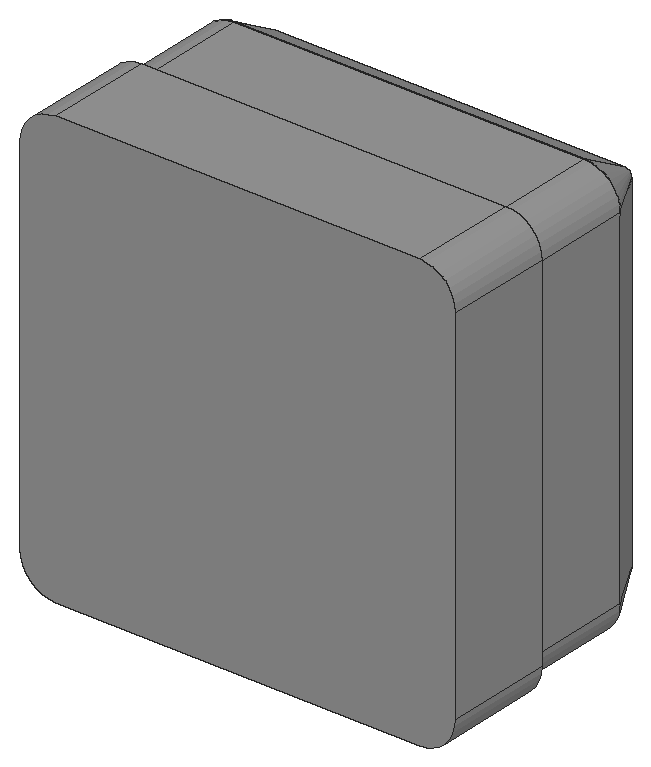
Revit family "IEK_РозеткаТелефонная_ОткрытойУстановки_Одноместная IP20_ОКТАВА", category Устройства связи, Revit 2019
Family settings
  Сохранять ориентацию аннотаций = Да
  Размер круглого соединителя = Использовать диаметр
  Тип детали = Нормальный
  На основе рабочей плоскости = Нет
  Всегда вертикально = Да
  При загрузке вырезать с полостями = Нет
  Общий = Нет
  Точка расчета площади = Нет
Parameters (values of type "РТ20-ОБ")
  Ширина = 61 mm  # constant formula
  Тип монтажа = "Поверхность монтажа (открытая установка)"  # constant formula
  Степень защиты = "IP20"  # constant formula
  Изготовитель = "IEK"  # constant formula
  Дата изменения = ""
  Глубина = 37 mm  # constant formula
  Высота = 61 mm  # constant formula
  ΔХ [instance] = 2000 mm
  ΔY [instance] = 2000 mm
  KSI_CPr_Строительные изделия = ""
  KSI_CMa_Строительные материалы = "01.7.14.03"  # constant formula
  IEK_Цена за единицу = 136.66
  IEK_Поиск в таблице имен = ""
  IEK_Описание = "Универсальный дизайн серии открытой установки \"ОКТАВА\" позволяет устанавливать изделия в квартирах, загородных домах, офисных и производственных помещениях."
  IEK_URL = "https://www.iek.ru/products/catalog/izdeliya_elektroustanovochnye_udliniteli_i_silovye_razemy/elektroustanovochnye_izdeliya/elektroustanovochnye_izdeliya_otkrytogo_montazha_ip20/elektroustanovochnye_izdeliya_oktava/elektroustanovochnye_izdeliya_oktava_tsvet_belyy/rozetka_1_mestnaya_dlya_otkrytoy_ustanovki_telefonnaya_rt20_ob_oktava_belyy_iek"
  ADSK_Примечание = ""
  ADSK_Позиция [instance] = ""
  ADSK_Наименование = "Розетка 1-местная для открытой установки телефонная РТ20-ОБ ОКТАВА белый IEK"
  ADSK_Материал обозначение = ""
  ADSK_Материал наименование = "Пластик"  # constant formula
  ADSK_Материал = Цвет белый
  ADSK_Масса = 0.048
  ADSK_Марка = "ОКТАВА"  # constant formula
  ADSK_Код изделия = "ETO10-K01-DC"
  ADSK_Завод-изготовитель = "IEK"  # constant formula
  ADSK_Единица измерения = "шт"  # constant formula
  ADSK_Группирование = "III ЭЛЕКТРОУСТАНОВОЧНЫЕ И ЭЛЕКТРОМОНТАЖНЫЕ ИЗДЕЛИЯ"  # constant formula
  ADSK_Версия семейства = "1.0"  # constant formula
  ADSK_Версия Revit = "2019"  # constant formula
  ADSK_URL страницы изделия = "https://www.iek.ru/products/catalog/izdeliya_elektroustanovochnye_udliniteli_i_silovye_razemy/elektroustanovochnye_izdeliya/elektroustanovochnye_izdeliya_otkrytogo_montazha_ip20/elektroustanovochnye_izdeliya_oktava/"
Reference planes
  plane 1 "По центру (Вперед/Назад)": y = 0
  plane 2: z = 0
  plane 3 "По центру (Влево/Вправо)": x = 0
  plane 4 "Высота ножек": z = 280
  plane 5 "Высота": z = 2081.496
  plane 6: x = -2000
  plane 7: y = 2000
Forms (mm)
  Extrusion 1, solid, detail levels coarse
    sketch origin (0, -9, 0) x (1, 0, 0) y (0, 1, 0)
      loop
        line (-30.5, 46) -> (-30.5, 9) -> (30.5, 9) -> (30.5, 46) -> (-30.5, 46)
    from 0 to 61
  Extrusion 2, solid, detail levels medium
    sketch origin (0, 36, 0) x (1, 0, 0) y (0, 1, 0)
      loop
        line (-30.5, 1) -> (-30.5, -36) -> (30.5, -36) -> (30.5, 1) -> (-30.5, 1)
    from 0 to 61
  Extrusion 3, void
    sketch origin (0, 2, 30.5) x (1, 0, 0) y (0, 0, -1)
      loop
        line (6, 5.5) -> (-6, 5.5) -> (-6, -1.5) -> (-3.5, -1.5) -> (-3.5, -3.5) -> (-2, -3.5) -> (-2, -5.5) -> (2, -5.5) -> (2, -3.5) -> (3.5, -3.5) -> (3.5, -1.5) -> (6, -1.5) -> (6, 5.5)
    from 25 to 34.5
  Extrusion 4, solid, material "Цвет белый" <- "ADSK_Материал", detail levels fine
    sketch origin (0, 2, 30.5) x (1, 0, 0) y (0, 0, -1)
      loop
        line (-30.5, 25.5) -> (-30.5, -25.5)
        arc (-30.5, -25.5) -> (-29.036, -29.036) -> (-25.5, -30.5) r 5
        line (-25.5, -30.5) -> (25.5, -30.5)
        arc (25.5, -30.5) -> (29.036, -29.036) -> (30.5, -25.5) r 5
        line (30.5, -25.5) -> (30.5, 25.5)
        arc (30.5, 25.5) -> (29.036, 29.036) -> (25.5, 30.5) r 5
        line (25.5, 30.5) -> (-25.5, 30.5)
        arc (-25.5, 30.5) -> (-29.036, 29.036) -> (-30.5, 25.5) r 5
    from -2 to 13
  Extrusion 5, solid, material "Цвет белый" <- "ADSK_Материал", detail levels fine
    sketch origin (0, 2, 30.5) x (1, 0, 0) y (0, 0, -1)
      loop
        line (-29.5, 24.462) -> (-29.5, -24.462)
        arc (-29.5, -24.462) -> (-28.024, -28.024) -> (-24.462, -29.5) r 5.038
        line (-24.462, -29.5) -> (24.505, -29.5)
        arc (24.505, -29.5) -> (28.037, -28.037) -> (29.5, -24.505) r 4.995
        line (29.5, -24.505) -> (29.5, 24.505)
        arc (29.5, 24.505) -> (28.037, 28.037) -> (24.505, 29.5) r 4.995
        line (24.505, 29.5) -> (-24.462, 29.5)
        arc (-24.462, 29.5) -> (-28.024, 28.024) -> (-29.5, 24.462) r 5.038
    from 13 to 28
  Blend 6, solid, material "Цвет белый" <- "ADSK_Материал", detail levels fine
    base sketch origin (0, 2, 30.5) x (1, 0, 0) y (0, 0, -1)
      loop
        line (-29.5, 24.462) -> (-29.5, -24.462)
        arc (-29.5, -24.462) -> (-28.024, -28.024) -> (-24.462, -29.5) r 5.038
        line (-24.462, -29.5) -> (24.505, -29.5)
        arc (24.505, -29.5) -> (28.037, -28.037) -> (29.5, -24.505) r 4.995
        line (29.5, -24.505) -> (29.5, 24.505)
        arc (29.5, 24.505) -> (28.037, 28.037) -> (24.505, 29.5) r 4.995
        line (24.505, 29.5) -> (-24.462, 29.5)
        arc (-24.462, 29.5) -> (-28.024, 28.024) -> (-29.5, 24.462) r 5.038
    top sketch origin (0, 2, 30.5) x (1, 0, 0) y (0, 0, -1)
      loop
        line (-25.459, 24.5) -> (-25.459, -24.5)
        arc (-25.459, -24.5) -> (-25.178, -25.178) -> (-24.5, -25.459) r 0.959
        line (-24.5, -25.459) -> (24.5, -25.459)
        arc (24.5, -25.459) -> (25.178, -25.178) -> (25.459, -24.5) r 0.959
        line (25.459, -24.5) -> (25.459, 24.5)
        arc (25.459, 24.5) -> (25.178, 25.178) -> (24.5, 25.459) r 0.959
        line (24.5, 25.459) -> (-24.5, 25.459)
        arc (-24.5, 25.459) -> (-25.178, 25.178) -> (-25.459, 24.5) r 0.959
    from 28 to 35
  Extrusion 7, void
    sketch origin (0, 2, 30.5) x (1, 0, 0) y (0, 0, -1)
      loop
        arc (-23.459, -21.459) -> (-22.873, -22.873) -> (-21.459, -23.459) r 2
        line (-21.459, -23.459) -> (21.459, -23.459)
        arc (21.459, -23.459) -> (22.873, -22.873) -> (23.459, -21.459) r 2
        line (23.459, -21.459) -> (23.459, 21.459)
        arc (23.459, 21.459) -> (22.873, 22.873) -> (21.459, 23.459) r 2
        line (21.459, 23.459) -> (-21.459, 23.459)
        arc (-21.459, 23.459) -> (-22.873, 22.873) -> (-23.459, 21.459) r 2
        line (-23.459, 21.459) -> (-23.459, -21.459)
    from 34.5 to 35
Cuts and joins
  Extrusion 3, Extrusion 7 cuts Blend 6
Lines and regions (mm)
  reference lines
    curve 1: line (0, 44.647, 0) -> (0, -55.353, 0)
    curve 2: line (-23.829, 0, 0) -> (76.171, 0, 0)
Dimensions and locks
  locked: plane 4 "Высота ножек" to plane 2 at 280
  plane 5 "Высота" to plane 4 "Высота ножек" = 1801.496 mm
  "ΔХ": plane 6 to curve 1
  "ΔY": plane 7 to curve 2
  aligned and locked: level to plane 2
  aligned and locked: nested 1 to curve 1
  aligned and locked: curve 2 to nested 1
  aligned and locked: Extrusion 1 to Extrusion 2  (x3)
  aligned and locked: plane 1 "По центру (Вперед/Назад)" to Extrusion 1
Automatic sketch dimensions
  plane 1 "По центру (Вперед/Назад)" to Extrusion 1 sketch curve = 0 mm
  Extrusion 1 sketch curve to plane 3 "По центру (Влево/Вправо)" = 30.5 mm
  plane 3 "По центру (Влево/Вправо)" to Extrusion 1 sketch curve = 30.5 mm
  Extrusion 1 sketch curve to plane 1 "По центру (Вперед/Назад)" = 37 mm
  Extrusion 2 sketch curve to plane 1 "По центру (Вперед/Назад)" = 0 mm
  Extrusion 2 sketch curve to plane 3 "По центру (Влево/Вправо)" = 30.5 mm
  plane 3 "По центру (Влево/Вправо)" to Extrusion 2 sketch curve = 30.5 mm
  Extrusion 2 sketch curve to Extrusion 2 sketch curve = 37 mm
  Extrusion 3 sketch curve to plane 3 "По центру (Влево/Вправо)" = 6 mm
  Extrusion 3 sketch curve to Extrusion 3 sketch curve = 2.5 mm  (x2)
  Extrusion 3 sketch curve to Extrusion 3 sketch curve = 1.5 mm  (x2)
  plane 3 "По центру (Влево/Вправо)" to Extrusion 3 sketch curve = 2 mm
  level to Extrusion 3 sketch curve = 36 mm
  Extrusion 3 sketch curve to Extrusion 3 sketch curve = 2 mm  (x4)
  Extrusion 3 sketch curve to Extrusion 3 sketch curve = 7 mm
  level to Extrusion 4 sketch curve = 5 mm  (x2)
  Extrusion 4 sketch curve to plane 3 "По центру (Влево/Вправо)" = 30.5 mm
  Extrusion 4 sketch curve to Extrusion 4 sketch curve = 5 mm  (x2)
  plane 3 "По центру (Влево/Вправо)" to Extrusion 4 sketch curve = 25.5 mm  (x2)
  level to Extrusion 4 sketch curve = 56 mm
  Extrusion 5 sketch curve to plane 3 "По центру (Влево/Вправо)" = 29.5 mm
  Extrusion 5 sketch curve to Extrusion 5 sketch curve = 5.038 mm  (x2)
  level to Extrusion 5 sketch curve = 1 mm
  plane 3 "По центру (Влево/Вправо)" to Extrusion 5 sketch curve = 24.505 mm  (x2)
  Extrusion 5 sketch curve to Extrusion 5 sketch curve = 4.995 mm
  level to Extrusion 5 sketch curve = 54.962 mm
  Extrusion 5 sketch curve to Extrusion 5 sketch curve = 0 mm  (x2)
  level to Blend 6 sketch curve = 6.038 mm
  Blend 6 sketch curve to plane 3 "По центру (Влево/Вправо)" = 29.5 mm
  Blend 6 sketch curve to Blend 6 sketch curve = 5.038 mm  (x2)
  plane 3 "По центру (Влево/Вправо)" to Blend 6 sketch curve = 24.505 mm  (x2)
  level to Blend 6 sketch curve = 5.995 mm
  level to Blend 6 sketch curve = 54.962 mm
  level to Blend 6 sketch curve = 6 mm  (x2)
  Blend 6 sketch curve to plane 3 "По центру (Влево/Вправо)" = 25.459 mm
  Blend 6 sketch curve to Blend 6 sketch curve = 0.959 mm  (x2)
  plane 3 "По центру (Влево/Вправо)" to Blend 6 sketch curve = 24.5 mm  (x2)
  level to Blend 6 sketch curve = 55 mm
  Extrusion 7 sketch curve to plane 3 "По центру (Влево/Вправо)" = 23.459 mm
  Extrusion 7 sketch curve to Extrusion 7 sketch curve = 2 mm  (x3)
  level to Extrusion 7 sketch curve = 7.041 mm
  plane 3 "По центру (Влево/Вправо)" to Extrusion 7 sketch curve = 21.459 mm  (x2)
  level to Extrusion 7 sketch curve = 51.959 mm
  curve 2 to plane 3 "По центру (Влево/Вправо)" = 23.829 mm
  plane 3 "По центру (Влево/Вправо)" to curve 2 = 76.171 mm
  plane 1 "По центру (Вперед/Назад)" to curve 1 = 55.353 mm
  curve 1 to plane 1 "По центру (Вперед/Назад)" = 44.647 mm
Nested families
  nested 1: "УГО Розетки связистской" at (0, 0, 0), type "Розетка телефонная", detail levels coarse+medium
Connectors
  electrical at (0, 18.5, 0)
    settings: on Extrusion 1, index 1, voltage 0 V, apparent load 0 VA, apparent load phase1 0 VA, apparent load phase2 0 VA, apparent load phase3 0 VA, power factor 1, load classification "Прочее", number of poles 1, system type 9, power factor state 1, is connector primary yes, connector utility no, sub classification motor no, connector description ""
Definition of nested family "УГО Розетки связистской"
  Parameters (values of type "Розетка двухместная телефонная")
    Розетка телефонная = no
    Розетка сетевая (Интернет) = no
    Розетка сетевая и телефонная = no
    Розетка телевизионная = no
    Розетка двухместная телефонная = yes
  Types (5, lengths in mm): name | Розетка телефонная | Розетка сетевая (Интернет) | Розетка сетевая и телефонная | Розетка телевизионная | Розетка двухместная телефонная
    Розетка телевизионная | no | no | no | yes | no
    Розетка сетевая (Интернет) | no | yes | no | no | no
    Розетка сетевая и телефонная | no | no | yes | no | no
    Розетка телефонная | yes | no | no | no | no
    Розетка двухместная телефонная | no | no | no | no | yes
  Reference planes
    plane 1: y = 0
    plane 2: x = 0
  Lines and regions (mm)
    Filled region 1, type "Цветовая область 1", visible <- "Розетка телефонная"
      outline origin (0, 0, 0) x (1, 0, 0) y (0, 1, 0)
        loop
          line (-0.512, 1.977) -> (-0.512, 3.023) -> (-1.53, 3.023) -> (-1.53, 1.977) -> (-0.512, 1.977)
        loop
          line (0.512, 1.977) -> (1.53, 1.977) -> (1.53, 3.023) -> (0.512, 3.023) -> (0.512, 1.977)
    Filled region 2, type "Цветовая область 1", visible <- "Розетка телефонная", not visible
      outline origin (0, 0, 0) x (1, 0, 0) y (0, 1, 0)
        loop
          line (8.078, 7.617) -> (8.078, 8.664) -> (7.06, 8.664) -> (7.06, 7.617) -> (8.078, 7.617)
        loop
          line (9.101, 7.617) -> (10.119, 7.617) -> (10.119, 8.664) -> (9.101, 8.664) -> (9.101, 7.617)
    Filled region 3, type "Цветовая область 1", visible <- "Розетка сетевая и телефонная"
      outline origin (0, 0, 0) x (1, 0, 0) y (0, 1, 0)
        loop
          line (0.994, 4) -> (0.994, 3) -> (1.994, 3) -> (1.994, 4) -> (0.994, 4)
        loop
          line (3.019, 3) -> (4.019, 3) -> (4.019, 4) -> (3.019, 4) -> (3.019, 3)
    Filled region 4, type "Цветовая область 1", visible <- "Розетка сетевая и телефонная", not visible
      outline origin (0, 0, 0) x (1, 0, 0) y (0, 1, 0)
        loop
          line (28.769, 14.987) -> (28.769, 13.987) -> (29.769, 13.987) -> (29.769, 14.987) -> (28.769, 14.987)
        loop
          line (30.794, 13.987) -> (31.794, 13.987) -> (31.794, 14.987) -> (30.794, 14.987) -> (30.794, 13.987)
    Filled region 5, type "Цветовая область 1", visible <- "Розетка двухместная телефонная"
      outline origin (0, 0, 0) x (1, 0, 0) y (0, 1, 0)
        loop
          line (-0.512, 1.977) -> (-0.512, 3.023) -> (-1.53, 3.023) -> (-1.53, 1.977) -> (-0.512, 1.977)
        loop
          line (0.512, 1.977) -> (1.53, 1.977) -> (1.53, 3.023) -> (0.512, 3.023) -> (0.512, 1.977)
    Filled region 6, type "Цветовая область 1", visible <- "Розетка двухместная телефонная", not visible
      outline origin (0, 0, 0) x (1, 0, 0) y (0, 1, 0)
        loop
          line (39.096, 13.207) -> (39.096, 14.254) -> (38.078, 14.254) -> (38.078, 13.207) -> (39.096, 13.207)
        loop
          line (40.119, 13.207) -> (41.137, 13.207) -> (41.137, 14.254) -> (40.119, 14.254) -> (40.119, 13.207)
    detail lines
      curve 1: line (0.006, 0, 0) -> (0.006, 2.454, 0)
      curve 2: line (0.006, 0, 0) -> (2.217, 0, 0)
    detail lines, visible <- "Розетка сетевая (Интернет)", not visible
      curve 3: line (2.5, 1.221, 0) -> (-2.5, 1.221, 0)
      curve 4: line (2.5, 6.221, 0) -> (-2.5, 6.221, 0)
      curve 5: line (0, 6.221, 0) -> (-2.5, 1.221, 0)
      curve 6: line (0, 6.221, 0) -> (2.5, 1.221, 0)
    detail lines, visible <- "Розетка телевизионная", not visible
      curve 7: line (19.458, 13.285, 0) -> (24.458, 13.285, 0)
      curve 8: line (19.458, 8.285, 0) -> (24.458, 8.285, 0)
      curve 9: line (21.958, 13.285, 0) -> (19.458, 8.285, 0)
      curve 10: line (21.958, 13.285, 0) -> (24.458, 8.285, 0)
    detail lines, visible <- "Розетка сетевая (Интернет)"
      curve 11: line (2.506, 0, 0) -> (-2.494, 0, 0)
      curve 12: line (2.506, 5, 0) -> (-2.494, 5, 0)
      curve 13: line (0.006, 5, 0) -> (-2.494, 0, 0)
      curve 14: line (0.006, 5, 0) -> (2.506, 0, 0)
    detail lines, visible <- "Розетка телевизионная"
      curve 15: line (-2.494, 5, 0) -> (2.506, 5, 0)
      curve 16: line (-2.494, 0, 0) -> (2.506, 0, 0)
      curve 17: line (0.006, 5, 0) -> (-2.494, 0, 0)
      curve 18: line (0.006, 5, 0) -> (2.506, 0, 0)
    detail lines, visible <- "Розетка телефонная"
      curve 19: circle (0.006, 2.5, 0) r 2.5 normal (0, 0, 1)
      curve 21: line (-1.53, 3.023, 0) -> (-1.53, 1.977, 0)
      curve 22: line (-1.53, 1.977, 0) -> (-0.512, 1.977, 0)
      curve 23: line (-0.512, 1.977, 0) -> (-0.512, 3.023, 0)
      curve 24: line (-0.512, 3.023, 0) -> (-1.53, 3.023, 0)
      curve 25: line (1.53, 3.023, 0) -> (1.53, 1.977, 0)
      curve 26: line (1.53, 1.977, 0) -> (0.512, 1.977, 0)
      curve 27: line (0.512, 1.977, 0) -> (0.512, 3.023, 0)
      curve 28: line (0.512, 3.023, 0) -> (1.53, 3.023, 0)
    detail lines, visible <- "Розетка телефонная", not visible
      curve 20: circle (8.596, 8.14, 0) r 2.5 normal (0, 0, 1)
      curve 29: line (7.06, 8.664, 0) -> (7.06, 7.617, 0)
      curve 30: line (7.06, 7.617, 0) -> (8.078, 7.617, 0)
      curve 31: line (8.078, 7.617, 0) -> (8.078, 8.664, 0)
      curve 32: line (8.078, 8.664, 0) -> (7.06, 8.664, 0)
      curve 33: line (10.119, 8.664, 0) -> (10.119, 7.617, 0)
      curve 34: line (10.119, 7.617, 0) -> (9.101, 7.617, 0)
      curve 35: line (9.101, 7.617, 0) -> (9.101, 8.664, 0)
      curve 36: line (9.101, 8.664, 0) -> (10.119, 8.664, 0)
    detail lines, visible <- "Розетка сетевая и телефонная"
      curve 37: line (-5.994, 7, 0) -> (6.006, 7, 0)
      curve 38: line (-5.994, 0, 0) -> (-5.994, 7, 0)
      curve 39: line (6.006, 0, 0) -> (-5.994, 0, 0)
      curve 40: line (6.006, 7, 0) -> (6.006, 0, 0)
      curve 41: line (-4.994, 1, 0) -> (0.006, 1, 0)
      curve 42: line (-2.474, 6, 0) -> (-4.994, 1, 0)
      curve 43: line (-2.474, 6, 0) -> (0.006, 1, 0)
      curve 44: circle (2.506, 3.5, 0) r 2.5 normal (0, 0, 1)
      curve 45: line (-4.994, 6, 0) -> (0.006, 6, 0)
      curve 46: line (0.994, 4, 0) -> (0.994, 3, 0)
      curve 47: line (0.994, 3, 0) -> (1.994, 3, 0)
      curve 48: line (1.994, 3, 0) -> (1.994, 4, 0)
      curve 49: line (1.994, 4, 0) -> (0.994, 4, 0)
      curve 50: line (4.019, 4, 0) -> (4.019, 3, 0)
      curve 51: line (4.019, 3, 0) -> (3.019, 3, 0)
      curve 52: line (3.019, 3, 0) -> (3.019, 4, 0)
      curve 53: line (3.019, 4, 0) -> (4.019, 4, 0)
    detail lines, visible <- "Розетка сетевая и телефонная", not visible
      curve 54: line (21.782, 17.987, 0) -> (33.782, 17.987, 0)
      curve 55: line (21.782, 10.987, 0) -> (21.782, 17.987, 0)
      curve 56: line (33.782, 10.987, 0) -> (21.782, 10.987, 0)
      curve 57: line (33.782, 17.987, 0) -> (33.782, 10.987, 0)
      curve 58: line (22.782, 11.987, 0) -> (27.782, 11.987, 0)
      curve 59: line (25.301, 16.987, 0) -> (22.782, 11.987, 0)
      curve 60: line (25.301, 16.987, 0) -> (27.782, 11.987, 0)
      curve 61: circle (30.282, 14.487, 0) r 2.5 normal (0, 0, 1)
      curve 62: line (22.782, 16.987, 0) -> (27.782, 16.987, 0)
      curve 63: line (28.769, 14.987, 0) -> (28.769, 13.987, 0)
      curve 64: line (28.769, 13.987, 0) -> (29.769, 13.987, 0)
      curve 65: line (29.769, 13.987, 0) -> (29.769, 14.987, 0)
      curve 66: line (29.769, 14.987, 0) -> (28.769, 14.987, 0)
      curve 67: line (31.794, 14.987, 0) -> (31.794, 13.987, 0)
      curve 68: line (31.794, 13.987, 0) -> (30.794, 13.987, 0)
      curve 69: line (30.794, 13.987, 0) -> (30.794, 14.987, 0)
      curve 70: line (30.794, 14.987, 0) -> (31.794, 14.987, 0)
    detail lines, visible <- "Розетка двухместная телефонная"
      curve 71: circle (0.006, 2.5, 0) r 2.5 normal (0, 0, 1)
      curve 72: line (-1.53, 3.023, 0) -> (-1.53, 1.977, 0)
      curve 73: line (-1.53, 1.977, 0) -> (-0.512, 1.977, 0)
      curve 74: line (-0.512, 1.977, 0) -> (-0.512, 3.023, 0)
      curve 75: line (-0.512, 3.023, 0) -> (-1.53, 3.023, 0)
      curve 76: line (1.53, 3.023, 0) -> (1.53, 1.977, 0)
      curve 77: line (1.53, 1.977, 0) -> (0.512, 1.977, 0)
      curve 78: line (0.512, 1.977, 0) -> (0.512, 3.023, 0)
      curve 79: line (0.512, 3.023, 0) -> (1.53, 3.023, 0)
    detail lines, visible <- "Розетка двухместная телефонная", not visible
      curve 80: circle (39.614, 13.731, 0) r 2.5 normal (0, 0, 1)
      curve 81: line (38.078, 14.254, 0) -> (38.078, 13.207, 0)
      curve 82: line (38.078, 13.207, 0) -> (39.096, 13.207, 0)
      curve 83: line (39.096, 13.207, 0) -> (39.096, 14.254, 0)
      curve 84: line (39.096, 14.254, 0) -> (38.078, 14.254, 0)
      curve 85: line (41.137, 14.254, 0) -> (41.137, 13.207, 0)
      curve 86: line (41.137, 13.207, 0) -> (40.119, 13.207, 0)
      curve 87: line (40.119, 13.207, 0) -> (40.119, 14.254, 0)
      curve 88: line (40.119, 14.254, 0) -> (41.137, 14.254, 0)
  Text (mm)
    text "TV" at (20.688, 11.147, 0), visible <- "Розетка телевизионная", not visible
    text "TV" at (-1.264, 2.862, 0), visible <- "Розетка телевизионная"
    text "2" at (1.883, 7.136, 0), visible <- "Розетка двухместная телефонная"
    text "2" at (41.49, 18.367, 0), visible <- "Розетка двухместная телефонная", not visible
